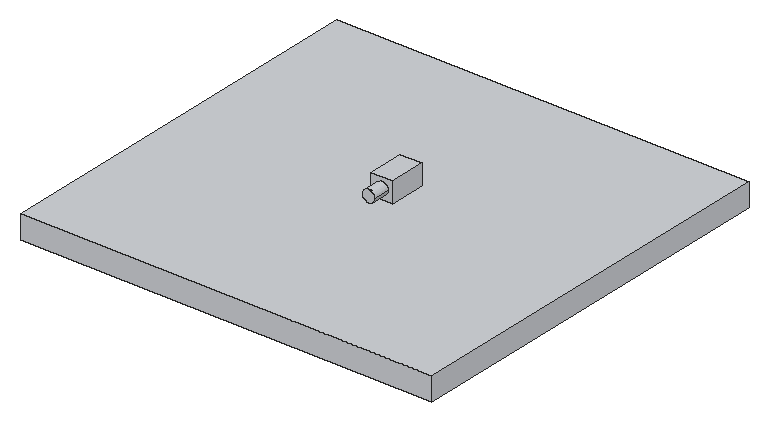
Revit family "REW EF Mechanical Equipment Power Tap", category Electrical Fixtures, host Face, Revit 2020
Family settings
  Host = Face
  Maintain Annotation Orientation = Yes
  Round Connector Dimension = Use Diameter
  Part Type = Normal
  OmniClass Number = 23.80.50.00
  OmniClass Title = Terminals for Power Supply
  Cut with Voids When Loaded = No
  Shared = No
  Room Calculation Point = No
Parameters (values of type "Standard")
  Type Image = <None>
  Type Comments = "POWER TAP"  # constant formula
  Load Classification [instance] = Mechanical Equipment
  Label = ""
  Electrical Voltage [instance] = 480 V
  Electrical Poles [instance] = 3
  Electrical Load [instance] = 500 VA
  Description = ""
  Default Elevation = 4' - 0"  # constant formula
  Assembly Code = ""
Reference planes (in)
  plane 1 "Center (Front/Back)": y = 0
  plane 2: z = 0
  plane 3 "Center (Left/Right)": x = 0
Forms (in)
  Extrusion 1, solid
    sketch origin (0, 0, 0) x (1, 0, 0) y (0, 1, 0)
      loop
        line (-25.375, 22.5) -> (-25.375, -26.25) -> (25.375, -26.25) -> (25.375, 22.5) -> (-25.375, 22.5)
    from 0 to -2.86111
  Extrusion 2, solid, detail levels medium+fine
    sketch origin (0, 0, 0) x (1, 0, 0) y (0, 1, 0)
      loop
        line (-1.375, 2.25) -> (-1.375, -2.25) -> (1.375, -2.25) -> (1.375, 2.25) -> (-1.375, 2.25)
    from 0 to 2.5
  Extrusion 3, solid, detail levels medium+fine
    sketch origin (1.375, -2.25, 0) x (-1, 0, 0) y (0, 0, -1)
      loop
        circle (1.375, -1.25) r 0.75
    from 0 to 2
Dimensions and locks (in)
  aligned and locked: plane 2 to Extrusion 1
  aligned and locked: level to Extrusion 1
Nested families (in)
  nested 1: "REW EF Anno, Mech Equip Power Tap" at (0, 0, 0), type "Standard"
Connectors (in)
  electrical at (0, 0, 0), driven by "Electrical Voltage", driven by "Electrical Load", driven by "Load Classification", driven by "Electrical Poles", driven by "Electrical Load"
    settings: index 2, voltage 480 V, apparent load 500 VA, apparent load phase1 500 VA, apparent load phase2 0 VA, apparent load phase3 0 VA, power factor 1, load classification "Mechanical Equipment", number of poles 3, system type 30, power factor state 1, is connector primary yes, connector utility no, sub classification motor no, connector description ""
Definition of nested family "REW EF Anno, Mech Equip Power Tap"
  Reference planes (in)
    plane 1: y = 0
    plane 2: x = 0
  Lines and regions (in)
    Filled region 1, type "Filled region 1"
      outline origin (0, -0.05469, 0) x (1, 0, 0) y (0, 1, 0)
        loop
          arc (0, 0.14844) -> (-0.06629, 0.12098) -> (-0.09375, 0.05469) r 0.09375
          line (-0.09375, 0.05469) -> (0, 0.05469) -> (0, 0.14844)
    Filled region 2, type "Filled region 1"
      outline origin (0, 0.05469, 0) x (-1, 0, 0) y (0, -1, 0)
        loop
          arc (0, 0.14844) -> (-0.06629, 0.12098) -> (-0.09375, 0.05469) r 0.09375
          line (-0.09375, 0.05469) -> (0, 0.05469) -> (0, 0.14844)
    detail lines
      curve 1: circle (0, 0, 0) r 0.09375 normal (0, 0, 1)
      curve 2: line (0, -0.09375, 0) -> (0, 0.09375, 0)
      curve 3: line (0.125, 0, 0) -> (-0.125, 0, 0)
      curve 4: line (0, 0.125, 0) -> (0, -0.125, 0)
  Dimensions and locks (in)
    aligned and locked: plane 2 to curve 1
